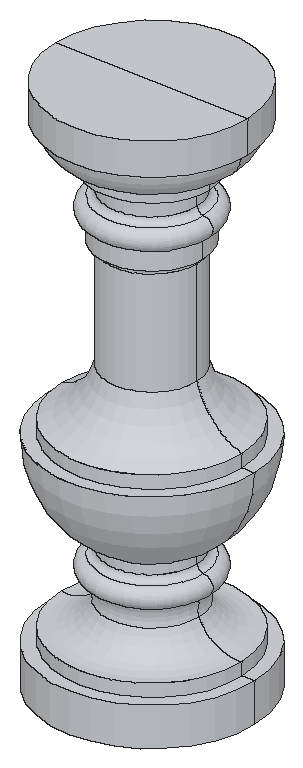
Revit family
Parameters (values of type "Balustrade R21")
  Width = 0' - 7 1/2"
  URL = "www.strombergarchitectural.com"
  Top Material = none
  Submittal Sheet = "www.strombergarchitectural.com/images/materials/gfrc/submittal/gfrc-submittal-sheet.pdf"
  Specifications = "www.strombergarchitectural.com/gfrcspecifications"
  Model Cut-sheet = "http://www.strombergarchitectural.com/products/balustrade/design/R21"
  Model = "Balustrade R21"
  Manufacturer = "Stromberg Architectural Products"
  Guidebook = "www.strombergarchitectural.com/images/materials/gfrc/handbooks/gfrc_guidebook.pdf   \r\n(http://www.strombergarchitectural.com/images/materials/gfrc/handbooks/gfrc_guidebook.pdf"
  Description = "GFRC Baluster"
  Assembly Code = ""
  Height = 1' - 9"
  XXX.5 = no
  XXX.4 = no
  XXX.3 = no
  XXX.2 = no
  XXX.1 = yes
Reference planes (in)
  plane 1 "Center (Front/Back)": y = 3.74847
  plane 2: z = 0
  plane 3 "Center (Left/Right)": x = 0.7278
  plane 4 "Front": y = -3.25153
  plane 5 "Back": y = 10.74847
Forms (in)
  Revolve 1, solid
    sketch origin (-48.53852, 3.74847, 0) x (1, 0, 0) y (0, 0, 1)
      loop
        line (45.51632, 21) -> (45.51632, 19.75) -> (45.76632, 19.75)
        arc (45.76632, 19.75) -> (46.13244, 18.86612) -> (47.01632, 18.5) r 1.25
        line (47.01632, 18.5) -> (47.01632, 18) -> (47.26632, 18)
        arc (47.26632, 18) -> (47.4431, 17.92678) -> (47.51632, 17.75) r 0.25
        line (47.51632, 17.75) -> (47.51632, 17.25)
        arc (47.51632, 17.25) -> (47.4431, 17.07322) -> (47.26632, 17) r 0.25
        arc (47.26632, 17) -> (46.89132, 16.625) -> (47.26632, 16.25) r 0.375
        line (47.26632, 16.25) -> (47.26632, 15.5)
        arc (47.26632, 15.5) -> (47.4431, 15.42678) -> (47.51632, 15.25) r 0.25
        line (47.51632, 15.25) -> (47.51632, 11.15245)
        arc (47.51632, 11.15245) -> (46.8861, 9.97607) -> (45.76632, 9.25) r 2.67762
        line (45.76632, 9.25) -> (45.76632, 8.75) -> (45.26632, 8.75)
        arc (45.26632, 8.75) -> (45.87516, 6.62868) -> (47.51632, 5.15313) r 4
        line (47.51632, 5.15313) -> (47.51632, 4.78998)
        arc (47.51632, 4.78998) -> (47.4431, 4.6132) -> (47.26632, 4.53998) r 0.25
        arc (47.26632, 4.53998) -> (46.89132, 4.16498) -> (47.26632, 3.78998) r 0.375
        arc (47.26632, 3.78998) -> (47.44447, 3.40854) -> (47.4297, 2.98781) r 0.90019
        arc (47.4297, 2.98781) -> (46.76491, 2.21285) -> (45.76632, 2) r 1.59463
        line (45.76632, 2) -> (45.76632, 1.5) -> (45.26632, 1.5) -> (45.26632, 0) -> (49.26632, 0) -> (49.26632, 21) -> (45.51632, 21)
      axis (49.26632, 21) -> (49.26632, 0)
    angle from 0 to 360
Dimensions and locks (in)
  aligned and locked: level to plane 2
